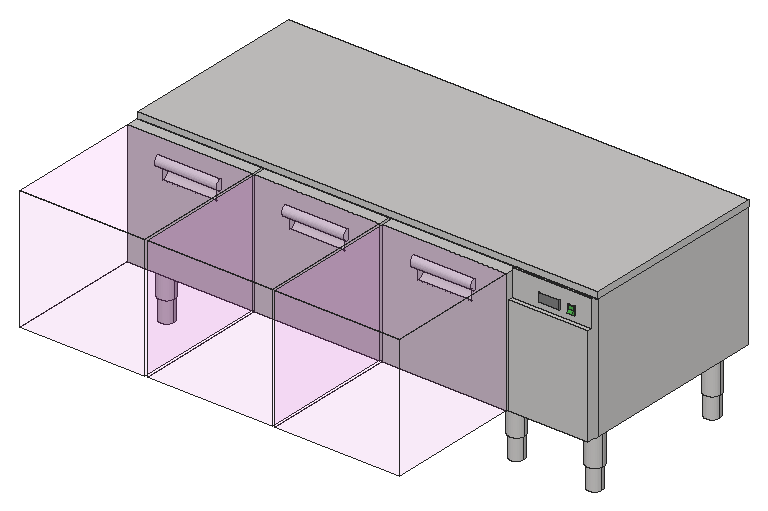
Revit family "QF_ZANUSSI_372292_Z7TTAECOMKN", category Specialty Equipment, Revit 2018 (continued)
Automatic sketch dimensions
  Split face 28 sketch curve to Split face 28 sketch curve = 0.02 mm  (x2)
  Split face 28 sketch curve to Split face 28 sketch curve = 31.959 mm
  Split face 28 sketch curve to Extrusion 4 = 82.208 mm
  Split face 28 sketch curve to Split face 28 sketch curve = 4 mm
  Split face 29 sketch curve to Extrusion 4 = 39 mm
  Split face 29 sketch curve to Split face 29 sketch curve = 0.02 mm  (x2)
  Split face 29 sketch curve to Split face 29 sketch curve = 31.959 mm
  Split face 29 sketch curve to Extrusion 4 = 94.208 mm
  Split face 29 sketch curve to Split face 29 sketch curve = 4 mm
  Split face 30 sketch curve to Extrusion 4 = 94 mm
  Split face 30 sketch curve to Split face 30 sketch curve = 0.02 mm  (x2)
  Split face 30 sketch curve to Split face 30 sketch curve = 31.959 mm
  Split face 30 sketch curve to Extrusion 4 = 118.896 mm
  Split face 30 sketch curve to Split face 30 sketch curve = 4 mm
  Split face 31 sketch curve to Extrusion 4 = 94 mm
  Split face 31 sketch curve to Split face 31 sketch curve = 0.02 mm  (x2)
  Split face 31 sketch curve to Split face 31 sketch curve = 31.959 mm
  Split face 31 sketch curve to Extrusion 4 = 106.896 mm
  Split face 31 sketch curve to Split face 31 sketch curve = 4 mm
  Split face 32 sketch curve to Extrusion 4 = 94 mm
  Split face 32 sketch curve to Split face 32 sketch curve = 0.02 mm  (x2)
  Split face 32 sketch curve to Split face 32 sketch curve = 31.959 mm
  Split face 32 sketch curve to Extrusion 4 = 94.897 mm
  Split face 32 sketch curve to Split face 32 sketch curve = 4 mm
  Split face 33 sketch curve to Extrusion 4 = 94 mm
  Split face 33 sketch curve to Split face 33 sketch curve = 0.02 mm  (x2)
  Split face 33 sketch curve to Split face 33 sketch curve = 31.959 mm
  Split face 33 sketch curve to Extrusion 4 = 82.999 mm
  Split face 33 sketch curve to Split face 33 sketch curve = 4 mm
  Split face 34 sketch curve to Extrusion 4 = 94 mm
  Split face 34 sketch curve to Split face 34 sketch curve = 0.02 mm  (x2)
  Split face 34 sketch curve to Split face 34 sketch curve = 31.959 mm
  Split face 34 sketch curve to Extrusion 4 = 71 mm
  Split face 34 sketch curve to Split face 34 sketch curve = 4 mm
  Split face 35 sketch curve to Extrusion 4 = 94 mm
  Split face 35 sketch curve to Split face 35 sketch curve = 0.02 mm  (x2)
  Split face 35 sketch curve to Split face 35 sketch curve = 31.959 mm
  Split face 35 sketch curve to Extrusion 4 = 59 mm
  Split face 35 sketch curve to Split face 35 sketch curve = 4 mm
  Split face 36 sketch curve to Extrusion 4 = 94 mm
  Split face 36 sketch curve to Split face 36 sketch curve = 0.02 mm  (x2)
  Split face 36 sketch curve to Split face 36 sketch curve = 31.959 mm
  Split face 36 sketch curve to Extrusion 4 = 47 mm
  Split face 36 sketch curve to Split face 36 sketch curve = 4 mm
  Split face 37 sketch curve to Extrusion 4 = 31 mm
  Split face 37 sketch curve to Extrusion 4 = 94 mm
  Split face 37 sketch curve to Split face 37 sketch curve = 0.02 mm  (x2)
  Split face 37 sketch curve to Split face 37 sketch curve = 31.959 mm
  Split face 37 sketch curve to Split face 37 sketch curve = 4 mm
  Split face 38 sketch curve to Extrusion 4 = 19 mm
  Split face 38 sketch curve to Extrusion 4 = 94 mm
  Split face 38 sketch curve to Split face 38 sketch curve = 0.02 mm  (x2)
  Split face 38 sketch curve to Split face 38 sketch curve = 31.959 mm
  Split face 38 sketch curve to Split face 38 sketch curve = 4 mm
  Split face 39 sketch curve to Extrusion 4 = 94 mm
  Split face 39 sketch curve to Split face 39 sketch curve = 0.02 mm  (x2)
  Split face 39 sketch curve to Split face 39 sketch curve = 31.959 mm
  Split face 39 sketch curve to Extrusion 4 = 130.896 mm
  Split face 39 sketch curve to Split face 39 sketch curve = 4 mm
  Split face 40 sketch curve to Extrusion 4 = 94 mm
  Split face 40 sketch curve to Split face 40 sketch curve = 0.02 mm  (x2)
  Split face 40 sketch curve to Split face 40 sketch curve = 31.959 mm
  Split face 40 sketch curve to Extrusion 4 = 118.208 mm
  Split face 40 sketch curve to Split face 40 sketch curve = 4 mm
  Split face 41 sketch curve to Extrusion 4 = 94 mm
  Split face 41 sketch curve to Split face 41 sketch curve = 0.02 mm  (x2)
  Split face 41 sketch curve to Split face 41 sketch curve = 31.959 mm
  Split face 41 sketch curve to Extrusion 4 = 130.208 mm
  Split face 41 sketch curve to Split face 41 sketch curve = 4 mm
  Split face 42 sketch curve to Extrusion 4 = 94 mm
  Split face 42 sketch curve to Split face 42 sketch curve = 0.02 mm  (x2)
  Split face 42 sketch curve to Split face 42 sketch curve = 31.959 mm
  Split face 42 sketch curve to Extrusion 4 = 142.208 mm
  Split face 42 sketch curve to Split face 42 sketch curve = 4 mm
  Split face 43 sketch curve to Extrusion 4 = 94 mm
  Split face 43 sketch curve to Split face 43 sketch curve = 0.02 mm  (x2)
  Split face 43 sketch curve to Split face 43 sketch curve = 31.959 mm
  Split face 43 sketch curve to Extrusion 4 = 154.896 mm
  Split face 43 sketch curve to Split face 43 sketch curve = 4 mm
  Split face 44 sketch curve to Extrusion 4 = 94 mm
  Split face 44 sketch curve to Split face 44 sketch curve = 0.02 mm  (x2)
  Split face 44 sketch curve to Split face 44 sketch curve = 31.959 mm
  Split face 44 sketch curve to Extrusion 4 = 142.896 mm
  Split face 44 sketch curve to Split face 44 sketch curve = 4 mm
  Split face 45 sketch curve to Extrusion 4 = 94 mm
  Split face 45 sketch curve to Split face 45 sketch curve = 0.02 mm  (x2)
  Split face 45 sketch curve to Split face 45 sketch curve = 31.959 mm
  Split face 45 sketch curve to Extrusion 4 = 106.208 mm
  Split face 45 sketch curve to Split face 45 sketch curve = 4 mm
  Split face 46 sketch curve to Extrusion 4 = 14.312 mm
  Split face 46 sketch curve to Extrusion 4 = 94 mm
  Split face 46 sketch curve to Split face 46 sketch curve = 0.02 mm  (x2)
  Split face 46 sketch curve to Extrusion 4 = 10.312 mm
  Split face 46 sketch curve to Split face 46 sketch curve = 31.959 mm
  Split face 47 sketch curve to Extrusion 4 = 26.312 mm
  Split face 47 sketch curve to Extrusion 4 = 94 mm
  Split face 47 sketch curve to Split face 47 sketch curve = 0.02 mm  (x2)
  Split face 47 sketch curve to Split face 47 sketch curve = 31.959 mm
  Split face 47 sketch curve to Split face 47 sketch curve = 4 mm
  Split face 48 sketch curve to Extrusion 4 = 38.311 mm
  Split face 48 sketch curve to Extrusion 4 = 94 mm
  Split face 48 sketch curve to Split face 48 sketch curve = 0.02 mm  (x2)
  Split face 48 sketch curve to Split face 48 sketch curve = 31.959 mm
  Split face 48 sketch curve to Split face 48 sketch curve = 4 mm
  Split face 49 sketch curve to Extrusion 4 = 94 mm
  Split face 49 sketch curve to Split face 49 sketch curve = 0.02 mm  (x2)
  Split face 49 sketch curve to Split face 49 sketch curve = 31.959 mm
  Split face 49 sketch curve to Extrusion 4 = 46.209 mm
  Split face 49 sketch curve to Split face 49 sketch curve = 4 mm
  Split face 50 sketch curve to Extrusion 4 = 94 mm
  Split face 50 sketch curve to Split face 50 sketch curve = 0.02 mm  (x2)
  Split face 50 sketch curve to Split face 50 sketch curve = 31.959 mm
  Split face 50 sketch curve to Extrusion 4 = 58.208 mm
  Split face 50 sketch curve to Split face 50 sketch curve = 4 mm
  Split face 51 sketch curve to Extrusion 4 = 94 mm
  Split face 51 sketch curve to Split face 51 sketch curve = 0.02 mm  (x2)
  Split face 51 sketch curve to Split face 51 sketch curve = 31.959 mm
  Split face 51 sketch curve to Extrusion 4 = 70.208 mm
  Split face 51 sketch curve to Split face 51 sketch curve = 4 mm
  Split face 52 sketch curve to Extrusion 4 = 94 mm
  Split face 52 sketch curve to Split face 52 sketch curve = 0.02 mm  (x2)
  Split face 52 sketch curve to Split face 52 sketch curve = 31.959 mm
  Split face 52 sketch curve to Extrusion 4 = 82.208 mm
  Split face 52 sketch curve to Split face 52 sketch curve = 4 mm
  Split face 53 sketch curve to Extrusion 4 = 94 mm
  Split face 53 sketch curve to Split face 53 sketch curve = 0.02 mm  (x2)
  Split face 53 sketch curve to Split face 53 sketch curve = 31.959 mm
  Split face 53 sketch curve to Extrusion 4 = 94.208 mm
  Split face 53 sketch curve to Split face 53 sketch curve = 4 mm
  Split face 54 sketch curve to Extrusion 4 = 149 mm
  Split face 54 sketch curve to Split face 54 sketch curve = 0.02 mm  (x2)
  Split face 54 sketch curve to Split face 54 sketch curve = 31.959 mm
  Split face 54 sketch curve to Extrusion 4 = 118.896 mm
  Split face 54 sketch curve to Split face 54 sketch curve = 4 mm
  Split face 55 sketch curve to Extrusion 4 = 149 mm
  Split face 55 sketch curve to Split face 55 sketch curve = 0.02 mm  (x2)
  Split face 55 sketch curve to Split face 55 sketch curve = 31.959 mm
  Split face 55 sketch curve to Extrusion 4 = 106.896 mm
  Split face 55 sketch curve to Split face 55 sketch curve = 4 mm
  Split face 56 sketch curve to Extrusion 4 = 149 mm
  Split face 56 sketch curve to Split face 56 sketch curve = 0.02 mm  (x2)
  Split face 56 sketch curve to Split face 56 sketch curve = 31.959 mm
  Split face 56 sketch curve to Extrusion 4 = 94.897 mm
  Split face 56 sketch curve to Split face 56 sketch curve = 4 mm
  Split face 57 sketch curve to Extrusion 4 = 149 mm
  Split face 57 sketch curve to Split face 57 sketch curve = 0.02 mm  (x2)
  Split face 57 sketch curve to Split face 57 sketch curve = 31.959 mm
  Split face 57 sketch curve to Extrusion 4 = 82.999 mm
  Split face 57 sketch curve to Split face 57 sketch curve = 4 mm
  Split face 58 sketch curve to Extrusion 4 = 67 mm
  Split face 58 sketch curve to Extrusion 4 = 149 mm
  Split face 58 sketch curve to Split face 58 sketch curve = 0.02 mm  (x2)
  Split face 58 sketch curve to Split face 58 sketch curve = 31.959 mm
  Split face 58 sketch curve to Split face 58 sketch curve = 4 mm
  Split face 59 sketch curve to Extrusion 4 = 55 mm
  Split face 59 sketch curve to Extrusion 4 = 149 mm
  Split face 59 sketch curve to Split face 59 sketch curve = 0.02 mm  (x2)
  Split face 59 sketch curve to Split face 59 sketch curve = 31.959 mm
  Split face 59 sketch curve to Split face 59 sketch curve = 4 mm
  Split face 60 sketch curve to Extrusion 4 = 43 mm
  Split face 60 sketch curve to Extrusion 4 = 149 mm
  Split face 60 sketch curve to Split face 60 sketch curve = 0.02 mm  (x2)
  Split face 60 sketch curve to Split face 60 sketch curve = 31.959 mm
  Split face 60 sketch curve to Split face 60 sketch curve = 4 mm
  Split face 61 sketch curve to Extrusion 4 = 31 mm
  Split face 61 sketch curve to Extrusion 4 = 149 mm
  Split face 61 sketch curve to Split face 61 sketch curve = 0.02 mm  (x2)
  Split face 61 sketch curve to Split face 61 sketch curve = 31.959 mm
  Split face 61 sketch curve to Split face 61 sketch curve = 4 mm
  Split face 62 sketch curve to Extrusion 4 = 19 mm
  Split face 62 sketch curve to Extrusion 4 = 149 mm
  Split face 62 sketch curve to Split face 62 sketch curve = 0.02 mm  (x2)
  Split face 62 sketch curve to Split face 62 sketch curve = 31.959 mm
  Split face 62 sketch curve to Split face 62 sketch curve = 4 mm
  Split face 63 sketch curve to Extrusion 4 = 149 mm
  Split face 63 sketch curve to Split face 63 sketch curve = 0.02 mm  (x2)
  Split face 63 sketch curve to Split face 63 sketch curve = 31.959 mm
  Split face 63 sketch curve to Extrusion 4 = 130.896 mm
  Split face 63 sketch curve to Split face 63 sketch curve = 4 mm
  Split face 64 sketch curve to Extrusion 4 = 149 mm
  Split face 64 sketch curve to Split face 64 sketch curve = 0.02 mm  (x2)
  Split face 64 sketch curve to Split face 64 sketch curve = 31.959 mm
  Split face 64 sketch curve to Extrusion 4 = 118.208 mm
  Split face 64 sketch curve to Split face 64 sketch curve = 4 mm
  Split face 65 sketch curve to Extrusion 4 = 149 mm
  Split face 65 sketch curve to Split face 65 sketch curve = 0.02 mm  (x2)
  Split face 65 sketch curve to Split face 65 sketch curve = 31.959 mm
  Split face 65 sketch curve to Extrusion 4 = 130.208 mm
  Split face 65 sketch curve to Split face 65 sketch curve = 4 mm
  Split face 66 sketch curve to Extrusion 4 = 149 mm
  Split face 66 sketch curve to Split face 66 sketch curve = 0.02 mm  (x2)
  Split face 66 sketch curve to Split face 66 sketch curve = 31.959 mm
  Split face 66 sketch curve to Extrusion 4 = 142.208 mm
  Split face 66 sketch curve to Split face 66 sketch curve = 4 mm
  Split face 67 sketch curve to Extrusion 4 = 149 mm
  Split face 67 sketch curve to Split face 67 sketch curve = 0.02 mm  (x2)
  Split face 67 sketch curve to Split face 67 sketch curve = 31.959 mm
  Split face 67 sketch curve to Extrusion 4 = 154.896 mm
  Split face 67 sketch curve to Split face 67 sketch curve = 4 mm
  Split face 68 sketch curve to Extrusion 4 = 149 mm
  Split face 68 sketch curve to Split face 68 sketch curve = 0.02 mm  (x2)
  Split face 68 sketch curve to Split face 68 sketch curve = 31.959 mm
  Split face 68 sketch curve to Extrusion 4 = 142.896 mm
  Split face 68 sketch curve to Split face 68 sketch curve = 4 mm
  Split face 69 sketch curve to Extrusion 4 = 149 mm
  Split face 69 sketch curve to Split face 69 sketch curve = 0.02 mm  (x2)
  Split face 69 sketch curve to Split face 69 sketch curve = 31.959 mm
  Split face 69 sketch curve to Extrusion 4 = 106.208 mm
  Split face 69 sketch curve to Split face 69 sketch curve = 4 mm
  Split face 70 sketch curve to Extrusion 4 = 14.312 mm
  Split face 70 sketch curve to Extrusion 4 = 149 mm
  Split face 70 sketch curve to Split face 70 sketch curve = 0.02 mm  (x2)
  Split face 70 sketch curve to Extrusion 4 = 10.312 mm
  Split face 70 sketch curve to Split face 70 sketch curve = 31.959 mm
  Split face 71 sketch curve to Extrusion 4 = 26.312 mm
  Split face 71 sketch curve to Extrusion 4 = 149 mm
  Split face 71 sketch curve to Split face 71 sketch curve = 0.02 mm  (x2)
  Split face 71 sketch curve to Split face 71 sketch curve = 31.959 mm
  Split face 71 sketch curve to Split face 71 sketch curve = 4 mm
  Split face 72 sketch curve to Extrusion 4 = 38.311 mm
  Split face 72 sketch curve to Extrusion 4 = 149 mm
  Split face 72 sketch curve to Split face 72 sketch curve = 0.02 mm  (x2)
  Split face 72 sketch curve to Split face 72 sketch curve = 31.959 mm
  Split face 72 sketch curve to Split face 72 sketch curve = 4 mm
  Split face 73 sketch curve to Extrusion 4 = 50.209 mm
  Split face 73 sketch curve to Extrusion 4 = 149 mm
  Split face 73 sketch curve to Split face 73 sketch curve = 0.02 mm  (x2)
  Split face 73 sketch curve to Split face 73 sketch curve = 31.959 mm
  Split face 73 sketch curve to Split face 73 sketch curve = 4 mm
  Split face 74 sketch curve to Extrusion 4 = 62.208 mm
  Split face 74 sketch curve to Extrusion 4 = 149 mm
  Split face 74 sketch curve to Split face 74 sketch curve = 0.02 mm  (x2)
  Split face 74 sketch curve to Split face 74 sketch curve = 31.959 mm
  Split face 74 sketch curve to Split face 74 sketch curve = 4 mm
  Split face 75 sketch curve to Extrusion 4 = 149 mm
  Split face 75 sketch curve to Split face 75 sketch curve = 0.02 mm  (x2)
  Split face 75 sketch curve to Split face 75 sketch curve = 31.959 mm
  Split face 75 sketch curve to Extrusion 4 = 70.208 mm
  Split face 75 sketch curve to Split face 75 sketch curve = 4 mm
  Split face 76 sketch curve to Extrusion 4 = 149 mm
  Split face 76 sketch curve to Split face 76 sketch curve = 0.02 mm  (x2)
  Split face 76 sketch curve to Split face 76 sketch curve = 31.959 mm
  Split face 76 sketch curve to Extrusion 4 = 82.208 mm
  Split face 76 sketch curve to Split face 76 sketch curve = 4 mm
  Split face 77 sketch curve to Extrusion 4 = 149 mm
  Split face 77 sketch curve to Split face 77 sketch curve = 0.02 mm  (x2)
  Split face 77 sketch curve to Split face 77 sketch curve = 31.959 mm
  Split face 77 sketch curve to Extrusion 4 = 94.208 mm
  Split face 77 sketch curve to Split face 77 sketch curve = 4 mm
  Split face 78 sketch curve to Extrusion 4 = 71 mm
  Split face 78 sketch curve to Split face 78 sketch curve = 0.02 mm  (x2)
  Split face 78 sketch curve to Extrusion 4 = 39.021 mm
  Split face 78 sketch curve to Extrusion 4 = 118.896 mm
  Split face 78 sketch curve to Split face 78 sketch curve = 4 mm
  Split face 79 sketch curve to Extrusion 4 = 71 mm
  Split face 79 sketch curve to Split face 79 sketch curve = 0.02 mm  (x2)
  Split face 79 sketch curve to Extrusion 4 = 39.021 mm
  Split face 79 sketch curve to Extrusion 4 = 106.896 mm
  Split face 79 sketch curve to Split face 79 sketch curve = 4 mm
  Split face 80 sketch curve to Extrusion 4 = 71 mm
  Split face 80 sketch curve to Split face 80 sketch curve = 0.02 mm  (x2)
  Split face 80 sketch curve to Extrusion 4 = 39.021 mm
  Split face 80 sketch curve to Extrusion 4 = 94.897 mm
  Split face 80 sketch curve to Split face 80 sketch curve = 4 mm
  Split face 81 sketch curve to Extrusion 4 = 71 mm
  Split face 81 sketch curve to Split face 81 sketch curve = 0.02 mm  (x2)
  Split face 81 sketch curve to Extrusion 4 = 39.021 mm
  Split face 81 sketch curve to Extrusion 4 = 82.999 mm
  Split face 81 sketch curve to Split face 81 sketch curve = 4 mm
  Split face 82 sketch curve to Extrusion 4 = 71 mm  (x2)
  Split face 82 sketch curve to Split face 82 sketch curve = 0.02 mm  (x2)
  Split face 82 sketch curve to Extrusion 4 = 39.021 mm
  Split face 82 sketch curve to Split face 82 sketch curve = 4 mm
  Split face 83 sketch curve to Extrusion 4 = 71 mm
  Split face 83 sketch curve to Split face 83 sketch curve = 0.02 mm  (x2)
  Split face 83 sketch curve to Extrusion 4 = 39.021 mm
  Split face 83 sketch curve to Extrusion 4 = 59 mm
  Split face 83 sketch curve to Split face 83 sketch curve = 4 mm
  Split face 84 sketch curve to Extrusion 4 = 71 mm
  Split face 84 sketch curve to Split face 84 sketch curve = 0.02 mm  (x2)
  Split face 84 sketch curve to Extrusion 4 = 39.021 mm
  Split face 84 sketch curve to Extrusion 4 = 47 mm
  Split face 84 sketch curve to Split face 84 sketch curve = 4 mm
  Split face 85 sketch curve to Extrusion 4 = 31 mm
  Split face 85 sketch curve to Extrusion 4 = 71 mm
  Split face 85 sketch curve to Split face 85 sketch curve = 0.02 mm  (x2)
  Split face 85 sketch curve to Extrusion 4 = 39.021 mm
  Split face 85 sketch curve to Split face 85 sketch curve = 4 mm
  Split face 86 sketch curve to Extrusion 4 = 19 mm
  Split face 86 sketch curve to Extrusion 4 = 71 mm
  Split face 86 sketch curve to Split face 86 sketch curve = 0.02 mm  (x2)
  Split face 86 sketch curve to Extrusion 4 = 39.021 mm
  Split face 86 sketch curve to Split face 86 sketch curve = 4 mm
  Split face 87 sketch curve to Extrusion 4 = 71 mm
  Split face 87 sketch curve to Split face 87 sketch curve = 0.02 mm  (x2)
  Split face 87 sketch curve to Extrusion 4 = 39.021 mm
  Split face 87 sketch curve to Extrusion 4 = 130.896 mm
  Split face 87 sketch curve to Split face 87 sketch curve = 4 mm
  Split face 88 sketch curve to Extrusion 4 = 71 mm
  Split face 88 sketch curve to Split face 88 sketch curve = 0.02 mm  (x2)
  Split face 88 sketch curve to Extrusion 4 = 39.021 mm
  Split face 88 sketch curve to Extrusion 4 = 118.208 mm
  Split face 88 sketch curve to Split face 88 sketch curve = 4 mm
  Split face 89 sketch curve to Extrusion 4 = 71 mm
  Split face 89 sketch curve to Split face 89 sketch curve = 0.02 mm  (x2)
  Split face 89 sketch curve to Extrusion 4 = 39.021 mm
  Split face 89 sketch curve to Extrusion 4 = 130.208 mm
  Split face 89 sketch curve to Split face 89 sketch curve = 4 mm
  Split face 90 sketch curve to Extrusion 4 = 71 mm
  Split face 90 sketch curve to Split face 90 sketch curve = 0.02 mm  (x2)
  Split face 90 sketch curve to Extrusion 4 = 39.021 mm
  Split face 90 sketch curve to Extrusion 4 = 142.208 mm
  Split face 90 sketch curve to Split face 90 sketch curve = 4 mm
  Split face 91 sketch curve to Extrusion 4 = 71 mm
  Split face 91 sketch curve to Split face 91 sketch curve = 0.02 mm  (x2)
  Split face 91 sketch curve to Extrusion 4 = 39.021 mm
  Split face 91 sketch curve to Extrusion 4 = 154.896 mm
  Split face 91 sketch curve to Split face 91 sketch curve = 4 mm
  Split face 92 sketch curve to Extrusion 4 = 71 mm
  Split face 92 sketch curve to Split face 92 sketch curve = 0.02 mm  (x2)
  Split face 92 sketch curve to Extrusion 4 = 39.021 mm
  Split face 92 sketch curve to Extrusion 4 = 142.896 mm
  Split face 92 sketch curve to Split face 92 sketch curve = 4 mm
  Split face 93 sketch curve to Extrusion 4 = 71 mm
  Split face 93 sketch curve to Split face 93 sketch curve = 0.02 mm  (x2)
  Split face 93 sketch curve to Extrusion 4 = 39.021 mm
  Split face 93 sketch curve to Extrusion 4 = 106.208 mm
  Split face 93 sketch curve to Split face 93 sketch curve = 4 mm
  Split face 94 sketch curve to Extrusion 4 = 14.312 mm
  Split face 94 sketch curve to Extrusion 4 = 71 mm
  Split face 94 sketch curve to Split face 94 sketch curve = 0.02 mm  (x2)
  Split face 94 sketch curve to Extrusion 4 = 39.021 mm
  Split face 94 sketch curve to Split face 94 sketch curve = 4 mm
  Split face 95 sketch curve to Extrusion 4 = 26.312 mm
  Split face 95 sketch curve to Extrusion 4 = 71 mm
  Split face 95 sketch curve to Split face 95 sketch curve = 0.02 mm  (x2)
  Split face 95 sketch curve to Extrusion 4 = 39.021 mm
  Split face 95 sketch curve to Split face 95 sketch curve = 4 mm
  Split face 96 sketch curve to Extrusion 4 = 71 mm
  Split face 96 sketch curve to Split face 96 sketch curve = 0.02 mm  (x2)
  Split face 96 sketch curve to Extrusion 4 = 39.021 mm
  Split face 96 sketch curve to Extrusion 4 = 34.312 mm
  Split face 96 sketch curve to Split face 96 sketch curve = 4 mm
  Split face 97 sketch curve to Extrusion 4 = 71 mm
  Split face 97 sketch curve to Split face 97 sketch curve = 0.02 mm  (x2)
  Split face 97 sketch curve to Extrusion 4 = 39.021 mm
  Split face 97 sketch curve to Extrusion 4 = 46.209 mm
  Split face 97 sketch curve to Split face 97 sketch curve = 4 mm
  Split face 98 sketch curve to Extrusion 4 = 71 mm
  Split face 98 sketch curve to Split face 98 sketch curve = 0.02 mm  (x2)
  Split face 98 sketch curve to Extrusion 4 = 39.021 mm
  Split face 98 sketch curve to Extrusion 4 = 58.208 mm
  Split face 98 sketch curve to Split face 98 sketch curve = 4 mm
  Split face 99 sketch curve to Extrusion 4 = 71 mm
  Split face 99 sketch curve to Split face 99 sketch curve = 0.02 mm  (x2)
  Split face 99 sketch curve to Extrusion 4 = 39.021 mm
  Split face 99 sketch curve to Extrusion 4 = 70.208 mm
  Split face 99 sketch curve to Split face 99 sketch curve = 4 mm
  Split face 100 sketch curve to Extrusion 4 = 71 mm
  Split face 100 sketch curve to Split face 100 sketch curve = 0.02 mm  (x2)
  Split face 100 sketch curve to Extrusion 4 = 39.021 mm
  Split face 100 sketch curve to Extrusion 4 = 82.208 mm
  Split face 100 sketch curve to Split face 100 sketch curve = 4 mm
  Split face 101 sketch curve to Extrusion 4 = 71 mm
  Split face 101 sketch curve to Split face 101 sketch curve = 0.02 mm  (x2)
  Split face 101 sketch curve to Extrusion 4 = 39.021 mm
  Split face 101 sketch curve to Extrusion 4 = 94.208 mm
  Split face 101 sketch curve to Split face 101 sketch curve = 4 mm
  Extrusion 14 sketch curve to plane 7 "FRONT" = 0 mm  (x3)
  Extrusion 14 sketch curve to plane 13 "TOP" = 90.566 mm
  Extrusion 14 sketch curve to Extrusion 14 sketch curve = 8.275 mm
  Extrusion 15 sketch curve to plane 7 "FRONT" = 0 mm
  Extrusion 15 sketch curve to plane 7 "FRONT" = 2.777 mm
  plane 7 "FRONT" to Extrusion 15 sketch curve = 21.853 mm
  Extrusion 15 sketch curve to plane 11 = 4.5 mm
  Extrusion 15 sketch curve to plane 13 "TOP" = 128.294 mm
  Extrusion 15 sketch curve to Extrusion 15 sketch curve = 18.821 mm
  plane 14 "LEFT" to Extrusion 12 sketch curve = 1 mm
  Extrusion 12 sketch curve to plane 13 "TOP" = 0.8 mm  (x3)
  Extrusion 12 sketch curve to plane 3 "Centro (Sinistra/Destra)" = 364.999 mm
  plane 12 to Extrusion 12 sketch curve = 1.587 mm  (x3)
  Extrusion 12 sketch curve to Extrusion 12 sketch curve = 7.999 mm  (x2)
  plane 3 "Centro (Sinistra/Destra)" to Extrusion 12 sketch curve = 77.001 mm
  plane 12 to Extrusion 13 sketch curve = 1.587 mm  (x3)
  Extrusion 13 sketch curve to Extrusion 13 sketch curve = 186.601 mm
  plane 3 "Centro (Sinistra/Destra)" to Extrusion 13 sketch curve = 85 mm
  Extrusion 13 sketch curve to Extrusion 13 sketch curve = 7.999 mm  (x2)
  Extrusion 13 sketch curve to plane 3 "Centro (Sinistra/Destra)" = 46.699 mm
  Extrusion 13 sketch curve to plane 13 "TOP" = 85 mm
  Extrusion 13 sketch curve to Extrusion 13 sketch curve = 190.601 mm
  Extrusion 13 sketch curve to Extrusion 13 sketch curve = 119.7 mm
  Extrusion 13 sketch curve to plane 13 "TOP" = 0.8 mm  (x3)
  Extrusion 13 sketch curve to Extrusion 13 sketch curve = 123.7 mm  (x2)
  plane 9 to Extrusion 13 sketch curve = 64.7 mm
  plane 14 "LEFT" to Extrusion 13 sketch curve = 1 mm
  Extrusion 13 sketch curve to plane 13 "TOP" = 128.294 mm  (x2)
  Extrusion 13 sketch curve to Extrusion 13 sketch curve = 43.294 mm  (x3)
  Extrusion 12 sketch curve to plane 10 = 225 mm
  Extrusion 13 sketch curve to plane 10 = 225 mm
  curve 2 to plane 6 "BACK" = 0 mm
  curve 6 to plane 7 "FRONT" = 0 mm
  curve 17 to plane 7 "FRONT" = 0 mm
  curve 37 to plane 8 = 0 mm
  curve 33 to plane 8 = 0 mm
  curve 19 to plane 7 "FRONT" = 0 mm
  curve 47 to plane 8 = 0 mm
  curve 43 to plane 7 "FRONT" = 0 mm
  curve 1 to plane 11 = 0 mm
  curve 2 to plane 15 "RIGHT" = 1 mm
  curve 12 to plane 10 = 3.1 mm
  curve 9 to plane 10 = 5.1 mm
  plane 7 "FRONT" to curve 10 = 7.415 mm
  curve 9 to curve 10 = 18 mm
  curve 11 to curve 26 = 2 mm
  plane 7 "FRONT" to curve 13 = 14.8 mm
  curve 12 to curve 13 = 32 mm
  curve 13 to curve 13 = 70 mm
  plane 16 to curve 7 = 52 mm
  curve 14 to curve 17 = 5 mm
  curve 29 to plane 7 "FRONT" = 17.78 mm
  curve 29 to plane 16 = 64.5 mm
  plane 3 "Centro (Sinistra/Destra)" to curve 20 = 196.5 mm
  plane 3 "Centro (Sinistra/Destra)" to curve 25 = 85 mm
  curve 16 to curve 39 = 7.999 mm
  curve 22 to plane 3 "Centro (Sinistra/Destra)" = 34.5 mm
  curve 32 to plane 3 "Centro (Sinistra/Destra)" = 357 mm
  curve 23 to curve 49 = 7.999 mm
  curve 44 to plane 7 "FRONT" = 17.78 mm
  curve 40 to curve 44 = 111.501 mm
  plane 14 "LEFT" to curve 1 = 1 mm
  plane 14 "LEFT" to curve 42 = 1 mm
  curve 40 to plane 11 = 4.499 mm
  curve 39 to plane 11 = 4.499 mm
  curve 18 to plane 11 = 4.499 mm
  curve 27 to curve 9 = 7.385 mm
  curve 22 to curve 28 = 17.78 mm
  curve 28 to curve 23 = 107.5 mm
  plane 9 to curve 44 = 52.5 mm
  curve 14 to plane 11 = 5.442 mm
  curve 14 to curve 15 = 11.321 mm
  curve 30 to curve 13 = 1.6 mm
  radius of Extrusion 2 sketch curve = 12 mm
Nested families
  nested 1: "Foot_Ø50_H200" at (-944, 194.95, 0), type "Foot_Ø50_H200"
  nested 2: "Foot_Ø50_H200" at (-944, -315.05, 0), type "Foot_Ø50_H200"
  nested 3: "Foot_Ø50_H200" at (272, -315.05, 0), type "Foot_Ø50_H200"
  nested 4: "Foot_Ø50_H200" at (272, 194.95, 0), type "Foot_Ø50_H200"
  nested 5: "Foot_Ø50_H200" at (544, 194.95, 0), type "Foot_Ø50_H200"
  nested 6: "Foot_Ø50_H200" at (544, -315.05, 0), type "Foot_Ø50_H200"
Connectors
  electrical at (559, 122.95, 190), driven by "Volts"
    settings: on Extrusion 2, index 2, voltage 220 V, apparent load 0 VA, apparent load phase1 0 VA, apparent load phase2 0 VA, apparent load phase3 0 VA, power factor 1, load classification "Altro", number of poles 1, system type 30, power factor state 1, is connector primary yes, connector utility no, sub classification motor no, connector description "Electrical Connection"
Definition of nested family "Foot_Ø50_H200"
  Reference planes
    plane 1 "Centro (Fronte/Retro)": y = 0
    plane 2: z = 0
    plane 3 "Centro (Sinistra/Destra)": x = 0
    plane 4: z = 200
  Forms (mm)
    Revolve 1, solid
      sketch origin (255.05, 0, 608.09) x (0, 0, 1) y (-1, 0, 0)
        loop
          line (-608.09, 255.05) -> (-608.09, 230.05) -> (-533.09, 230.05) -> (-533.09, 226.05) -> (-408.09, 226.05) -> (-408.09, 255.05) -> (-608.09, 255.05)
        axis (-608.09, 255.05) -> (-408.09, 255.05)
      angle from 0 to 360
  Dimensions and locks
    locked: Revolve 1 sketch curve to Revolve 1 sketch curve at 125
    aligned and locked: level to plane 2
    aligned and locked: plane 4 to Revolve 1 sketch curve
    aligned and locked: Revolve 1 sketch curve to level
    aligned and locked: plane 3 "Centro (Sinistra/Destra)" to Revolve 1 sketch curve
